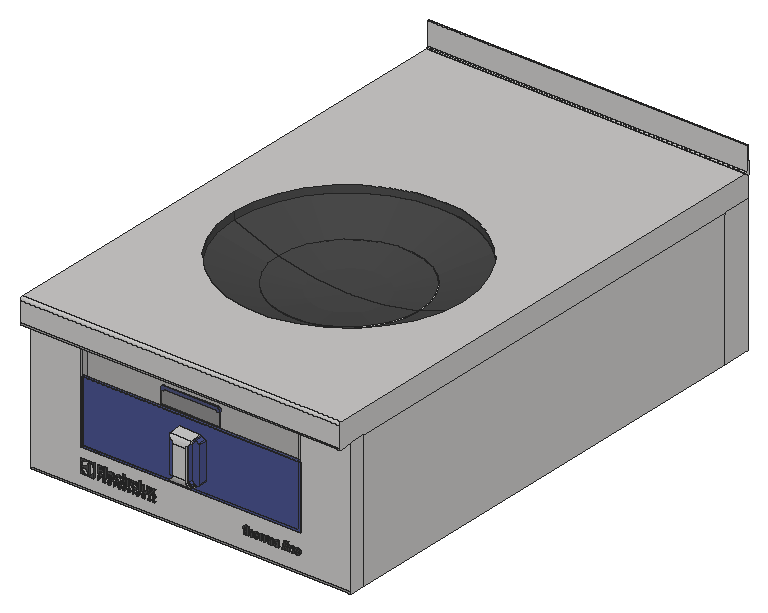
Revit family "QF_ELECTROLUXPROFESSIONAL_588026_MAIHABEOAO", category Specialty Equipment, Revit 2023
Family settings
  Round Connector Dimension = Use Diameter
  Part Type = Normal
  Work Plane-Based = No
  Enable Cutting in Views = No
  Always vertical = Yes
  Cut with Voids When Loaded = Yes
  Maintain Annotation Orientation = No
  Shared = No
  Room Calculation Point = No
Parameters
  Watts = 5000 W  # constant formula
  Volts = 400 V  # constant formula
  URL Cutsheet = ""
  Type Mark [instance] = ""
  Top Visibility [instance] = yes
  ThermaLine_Logo_Visible [instance] = yes
  Status [instance] = ""
  Specification by User [instance] = ""
  Specification by Manufacturer = ""
  Show Backsplash [instance] = yes
  Serial Number = ""
  Seismic Rating = ""
  SMACNA No = ""
  Revision Code [instance] = ""
  Phase = 3  # constant formula
  Omniclass Number and Title = ""
  Number of Poles [instance] = 1
  NAFEM Spec ID Number = ""
  Model = "588026"
  Min Ckt Ampacity = 0 A
  Max Overcurrent Protection = 0 A
  Masterspec = ""
  Manufacturer = ""
  Item Number [instance] = ""
  Installed By [instance] = ""
  Identify Quantity as Lot [instance] = yes
  HP = "6.7 HP"
  Furnished By [instance] = ""
  Foodservice Equipment Identifier [instance] = yes
  FL Amps [instance] = if(Phase = 3, Watts / (Volts * 1.73), Watts / Volts)  # 7.22543 A
  Electrolux_Logo_Visible [instance] = yes
  Electrical Remarks = "400 V/3N ph/50/60 Hz"  # constant formula
  Electric Connection Type [instance] = ""
  Elec Conn RI Height [instance] = 0 mm
  Elec Conn Connection Height [instance] = 0 mm
  Direct Waste Size = 0"
  Description = "INDUCTION WOK,1 ZONE,1S,BS,500X800X250H"
  Default Elevation = 0 mm
  Cycle [instance] = if([60 Hertz Option], 60 Hz, 50 Hz)  # 60 Hz
  Conn Plug = ""
  Conn Conduit = yes
  CSI MasterFormat = ""
  CSI Master Format = ""
  Back Panel [instance] = not(Show Backsplash)  # no
  Apparent Power [instance] = if(Phase = 3, Volts * FL Amps * 1.73, Volts * FL Amps)  # 5000 VA
  60 Hertz Option [instance] = not([50 Hertz Option])  # yes
  50 Hertz Option [instance] = no
Reference planes
  plane 1 "BACK": y = 0
  plane 2: z = 0
  plane 3 "LEFT": x = 0
  plane 4 "RIGHT": x = 500
  plane 5 "FRONT": y = -800
  plane 6 "TOP": z = 250
  plane 7: x = 250
  plane 8: y = -469.65
  plane 9: z = 582.185
  plane 10: x = 455
Forms (mm)
  Extrusion 1, solid, material "QF_Finishes_Stainless Steel"
    sketch origin (0, -487.128, 0) x (0, 1, 0) y (0, 0, 1)
      loop
        line (-266.872, 213) -> (-266.872, 0) -> (441.128, 0) -> (441.128, 213) -> (-266.872, 213)
    from 0 to 500
  Extrusion 2, solid, material "QF_Finishes_Stainless Steel"
    sketch origin (0, -754, 0) x (1, 0, 0) y (0, -1, 0)
      loop
        circle (455, -69) r 6.35
    from 0 to 3.2
  Revolve 3, void
    sketch origin (-176.365, -469.65, 1219.2) x (-1, 0, 0) y (0, 0, 1)
      loop
        line (-426.365, -969.2) -> (-426.365, -1021.018)
        arc (-426.365, -1021.018) -> (-334.117, -1010.707) -> (-246.365, -980.45) r 421.407
        line (-246.365, -980.45) -> (-246.365, -969.2) -> (-426.365, -969.2)
      axis (-426.365, -969.2) -> (-426.365, -1021.018)
    angle from 0 to 360
  Extrusion 4, solid, material "QF_Finishes_Stainless Steel", visible <- "Show Backsplash"
    sketch origin (0, 0, 0) x (0, 1, 0) y (0, 0, 1)
      loop
        arc (-1.951, 252.006) -> (-2.537, 250.592) -> (-3.951, 250.006) r 2
        arc (-3.951, 250.006) -> (-1.172, 248.828) -> (0, 246) r 4
        line (0, 246) -> (0, 288.006) -> (-1.951, 288.006) -> (-1.951, 252.006)
    from 500 to 0
  Extrusion 5, solid, material "QF_Finishes_Stainless Steel", visible <- "Top Visibility"
    sketch origin (0, -487.128, 0) x (0, 1, 0) y (0, 0, 1)
      loop
        line (483.128, 250) -> (-308.872, 250)
        arc (-308.872, 250) -> (-311.7, 248.828) -> (-312.872, 246) r 4
        line (-312.872, 246) -> (-312.872, 214)
        arc (-312.872, 214) -> (-311.443, 210.936) -> (-308.177, 210.061) r 4
        line (-308.177, 210.061) -> (-291.509, 213) -> (487.128, 213) -> (487.128, 246)
        arc (487.128, 246) -> (485.956, 248.828) -> (483.128, 250) r 4
    from 0 to 500
  Extrusion 6, solid, material "QF_Finishes_Stainless Steel", visible <- "Show Backsplash"
    sketch origin (0, 0, 0) x (0, 1, 0) y (0, 0, 1)
      loop
        line (0, 2) -> (0, 213) -> (-46, 213) -> (-46, 0) -> (-2, 0)
        arc (-2, 0) -> (-0.586, 0.586) -> (0, 2) r 2
    from 500 to 0
  Revolve 7, void
    sketch origin (-176.365, -469.65, 1219.2) x (-1, 0, 0) y (0, 0, 1)
      loop
        line (-426.365, -969.2) -> (-426.365, -1021.018)
        arc (-426.365, -1021.018) -> (-334.117, -1010.707) -> (-246.365, -980.45) r 421.407
        line (-246.365, -980.45) -> (-246.365, -969.2) -> (-426.365, -969.2)
      axis (-426.365, -969.2) -> (-426.365, -1021.018)
    angle from 0 to 360
Cuts and joins
  Revolve 3, Revolve 7 cuts Extrusion 1
  Revolve 3, Revolve 7 cuts Extrusion 5
Lines and regions (mm)
  symbolic lines
    curve 1: line (0, 0, 0) -> (500, 0, 0)
    curve 2: line (0, -800, 0) -> (0, 0, 0)
    curve 3: line (500, -800, 0) -> (0, -800, 0)
    curve 4: line (500, 0, 0) -> (500, -800, 0)
    curve 5: arc (70, -469.65, 0) -> (250, -289.65, 0) -> (430, -469.65, 0) r 180
    curve 6: arc (430, -469.65, 0) -> (250, -649.65, 0) -> (70, -469.65, 0) r 180
  symbolic lines, visible <- "Show Backsplash"
    curve 7: line (0, -1.951, 0) -> (500, -1.951, 0)
Dimensions and locks
  plane 3 "LEFT" to plane 4 "RIGHT" = 500 mm
  plane 5 "FRONT" to plane 1 "BACK" = 800 mm
  equal spacing: plane 3 "LEFT", plane 7, plane 4 "RIGHT"
  plane 5 "FRONT" to plane 8 to plane 1 "BACK" = 330.35 mm, 469.65 mm
  plane 6 "TOP" to level = 250 mm  (x2)
  plane 1 "BACK" to plane 5 "FRONT" = 800 mm
  Extrusion 2 sketch curve to plane 1 "BACK" = 685 mm
  Extrusion 2 sketch curve to plane 4 "RIGHT" = 45 mm
  plane 1 "BACK" to Extrusion 2 = 685 mm
  plane 10 to plane 4 "RIGHT" = 45 mm
  aligned and locked: level to plane 2
  aligned and locked: plane 7 to nested 1
Automatic sketch dimensions
  Extrusion 1 sketch curve to level = 0 mm
  Extrusion 1 sketch curve to plane 6 "TOP" = 37 mm
  plane 1 "BACK" to Extrusion 1 sketch curve = 46 mm
  Revolve 3 sketch curve to plane 7 = 0 mm  (x2)
  Revolve 3 sketch curve to plane 6 "TOP" = 0 mm
  Revolve 3 sketch curve to plane 6 "TOP" = 51.818 mm
  plane 3 "LEFT" to Revolve 3 sketch curve = 70 mm
  plane 7 to Revolve 3 sketch curve = 0.405 mm
  Revolve 3 sketch curve to Revolve 3 sketch curve = 11.25 mm
  Revolve 3 sketch curve to level = 215 mm
  plane 6 "TOP" to Revolve 3 sketch curve = 110 mm
  plane 1 "BACK" to curve 1 = 0 mm
  curve 1 to plane 4 "RIGHT" = 0 mm
  curve 2 to plane 3 "LEFT" = 0 mm
  plane 5 "FRONT" to curve 3 = 0 mm
  curve 5 to plane 8 = 0 mm
  curve 6 to plane 7 = 0 mm
  plane 10 to curve 5 = 25 mm
  Extrusion 4 sketch curve to plane 1 "BACK" = 0 mm  (x2)
  Extrusion 4 sketch curve to plane 6 "TOP" = 0 mm
  plane 1 "BACK" to Extrusion 4 sketch curve = 1.951 mm
  plane 1 "BACK" to Extrusion 4 sketch curve = 4 mm
  Extrusion 4 sketch curve to Extrusion 4 sketch curve = 2 mm
  plane 6 "TOP" to Extrusion 4 sketch curve = 2.006 mm
  Extrusion 4 sketch curve to Extrusion 4 sketch curve = 36 mm
  Extrusion 4 sketch curve to Extrusion 4 sketch curve = 0 mm
  Extrusion 5 sketch curve to plane 5 "FRONT" = 0 mm
  Extrusion 5 sketch curve to plane 6 "TOP" = 0 mm
  Extrusion 5 sketch curve to Extrusion 5 sketch curve = 4 mm  (x2)
  Extrusion 5 sketch curve to Extrusion 5 sketch curve = 17.363 mm
  plane 1 "BACK" to Extrusion 5 sketch curve = 4 mm
  Extrusion 5 sketch curve to plane 6 "TOP" = 37 mm
  Extrusion 5 sketch curve to Extrusion 5 sketch curve = 1 mm
  Extrusion 5 sketch curve to Extrusion 5 sketch curve = 0.695 mm
  Extrusion 5 sketch curve to Extrusion 5 sketch curve = 0 mm  (x2)
  plane 1 "BACK" to Extrusion 5 sketch curve = 0 mm
  Extrusion 1 sketch curve to plane 5 "FRONT" = 46 mm
  Extrusion 6 sketch curve to level = 0 mm
  plane 1 "BACK" to Extrusion 6 sketch curve = 0 mm
  Extrusion 6 sketch curve to Extrusion 6 sketch curve = 2 mm
  Extrusion 6 sketch curve to Extrusion 6 sketch curve = 44 mm
  Extrusion 6 sketch curve to plane 6 "TOP" = 37 mm
  curve 7 to plane 3 "LEFT" = 0 mm
  curve 7 to plane 4 "RIGHT" = 0 mm
  plane 1 "BACK" to curve 7 = 1.951 mm
  Revolve 7 sketch curve to plane 6 "TOP" = 0 mm
  Revolve 7 sketch curve to plane 7 = 0 mm  (x2)
  plane 7 to Revolve 7 sketch curve = 0.405 mm
  plane 3 "LEFT" to Revolve 7 sketch curve = 70 mm
  Revolve 7 sketch curve to Revolve 7 sketch curve = 11.25 mm
  Revolve 7 sketch curve to Revolve 7 sketch curve = 51.818 mm
  Revolve 7 sketch curve to level = 215 mm
  plane 6 "TOP" to Revolve 7 sketch curve = 110 mm
  radius of Extrusion 2 sketch curve = 6.35 mm
Nested families
  nested 1: "IW_800_500 Panel Single Centered" at (250, -754, -651.71), type "IW_800_500 Panel Single Centered"
  nested 2: "ELX_Professional_Logo_Small" at (137.486, -779, 33) x (1, 0, 0) z (0, -1, 0), visible <- "Electrolux_Logo_Visible", type "ELX_Professional_Logo_Small"
    with Show Logo yes, Material_Logo QF_Finishes_Black
  nested 3: "ELX_ThermaLine_Small" at (373.407, -779, 33) x (1, 0, 0) z (0, -1, 0), visible <- "ThermaLine_Logo_Visible", type "ELX_ThermaLine_Small"
    with Show Logo yes, Material_Logo QF_Finishes_Black
Connectors
  electrical at (455, -685, -3.2), driven by "Volts", driven by "Watts"
    settings: on Extrusion 2, index 1, voltage 400 V, apparent load 5000 VA, apparent load phase1 0 VA, apparent load phase2 0 VA, apparent load phase3 0 VA, power factor 1, load classification "Other", number of poles 1, system type 30, power factor state 1, is connector primary yes, connector utility no, sub classification motor no, connector description "ELECTRICAL CONNECTION"
Definition of nested family "IW_800_500 Panel Single Centered"
  Parameters (values of type "IW_800_500 Panel Single Centered")
    Default Elevation = 0 mm
  Reference planes
    plane 1 "Center (Front/Back)": y = 0
    plane 2: z = 0
    plane 3 "Center (Left/Right)": x = 0
  Forms (mm)
    Extrusion 1, solid
      sketch origin (833.217, 829.203, -1.25) x (0, 1, 0) y (0, 0, 1)
        loop
          arc (-854.203, 655.96) -> (-853.324, 653.839) -> (-851.203, 652.96) r 3
          line (-851.203, 652.96) -> (-829.203, 652.96) -> (-829.203, 865.96) -> (-854.203, 865.96) -> (-854.203, 655.96)
      from -1083.217 to -583.217
    Extrusion 2, void
      sketch origin (33.217, 829.203, 0.636) x (1, 0, 0) y (0, 0, 1)
        loop
          line (-205.217, 852.364) -> (-205.217, 710.364) -> (138.783, 710.364) -> (138.783, 852.364) -> (-205.217, 852.364)
      from 843.409 to 854.203
  Cuts and joins
    Extrusion 2 cuts Extrusion 1
  Lines and regions (mm)
    symbolic lines
      curve 1: line (16.108, -48.326, 0) -> (16.108, -46, 0)
      curve 2: spline (10.439, -49.73, 0) -> (10.918, -49.657, 0) -> (11.396, -49.575, 0) -> (11.873, -49.486, 0) -> (12.349, -49.389, 0) -> (12.823, -49.283, 0) -> (13.297, -49.17, 0) -> (13.769, -49.049, 0) -> (14.24, -48.92, 0) -> (14.71, -48.783, 0) -> (15.177, -48.638, 0) -> (15.643, -48.486, 0) -> (16.108, -48.326, 0)
      curve 3: line (-16.108, -48.326, 0) -> (-16.108, -46, 0)
      curve 4: spline (-16.108, -48.326, 0) -> (-15.643, -48.486, 0) -> (-15.177, -48.638, 0) -> (-14.71, -48.783, 0) -> (-14.24, -48.92, 0) -> (-13.769, -49.049, 0) -> (-13.297, -49.17, 0) -> (-12.823, -49.283, 0) -> (-12.349, -49.389, 0) -> (-11.873, -49.486, 0) -> (-11.396, -49.575, 0) -> (-10.918, -49.657, 0) -> (-10.439, -49.73, 0)
      curve 5: line (10.439, -49.73, 0) -> (-10.439, -49.73, 0)
  Dimensions and locks
    cut or joined group of Extrusion 1, Extrusion 2 to cut or joined group of Extrusion 1, Extrusion 2 = 500 mm  (x2)
    equal spacing: cut or joined group of Extrusion 1, Extrusion 2, nested 1, cut or joined group of Extrusion 1, Extrusion 2
    cut or joined group of Extrusion 1, Extrusion 2 to cut or joined group of Extrusion 1, Extrusion 2 = 213 mm
    aligned and locked: nested 1 to cut or joined group of Extrusion 1, Extrusion 2
  Automatic sketch dimensions
    curve 3 to plane 3 "Center (Left/Right)" = 16.108 mm
    plane 3 "Center (Left/Right)" to curve 5 = 10.439 mm
    plane 1 "Center (Front/Back)" to curve 5 = 49.73 mm
    curve 3 to curve 5 = 5.669 mm
    curve 5 to curve 1 = 5.669 mm
    curve 5 to curve 4 = 4.17 mm
    plane 3 "Center (Left/Right)" to curve 2 = 6.269 mm
    curve 5 to curve 1 = 1.405 mm
    curve 4 to curve 3 = 1.405 mm
    curve 2 to curve 2 = 0.302 mm
    curve 4 to curve 5 = 0.302 mm
    curve 1 to curve 1 = 2.326 mm
    curve 4 to curve 3 = 2.326 mm
    Extrusion 1 sketch curve to plane 1 "Center (Front/Back)" = 0 mm
    level to Extrusion 1 sketch curve = 651.71 mm
    Extrusion 1 sketch curve to Extrusion 1 sketch curve = 22 mm
    Extrusion 1 sketch curve to Extrusion 1 sketch curve = 3 mm
    Extrusion 1 sketch curve to Extrusion 1 sketch curve = 210 mm
    Extrusion 2 sketch curve to plane 3 "Center (Left/Right)" = 172 mm
    level to Extrusion 2 sketch curve = 711 mm
    plane 3 "Center (Left/Right)" to Extrusion 2 sketch curve = 172 mm
    Extrusion 2 sketch curve to Extrusion 2 sketch curve = 142 mm
  Nested families
    nested 1: "glass conrol panel One Right Side" at (0, 279.791, 1.886), type "glass conrol panel One Right Side"
    nested 2: "Range Control Handle" at (0, -27.043, -209.113), type "Range Control Handle"
  Definition of nested family "glass conrol panel One Right Side"
    Parameters
      Default Elevation = 0 mm
    Reference planes
      plane 1 "Center (Front/Back)": y = 0
      plane 2: z = 0
      plane 3 "Center (Left/Right)": x = 0
    Forms (mm)
      Extrusion 1, solid
        sketch origin (378.286, 0, 0.617) x (1, 0, 0) y (0, 0, 1)
          loop
            line (-550.286, 806.791) -> (-550.286, 708.497) -> (-206.286, 708.497) -> (-206.286, 806.791) -> (-550.286, 806.791)
        from 300.031 to 304.8
      Extrusion 2, solid
        sketch origin (378.286, 0, 0.617) x (1, 0, 0) y (0, 0, 1)
          loop
            line (-550.286, 850.497) -> (-550.286, 806.791) -> (-206.286, 806.791) -> (-206.286, 850.497) -> (-550.286, 850.497)
        from 300.031 to 304.8
      Extrusion 3, solid
        sketch origin (308.333, 1.101, -0.633) x (1, 0, 0) y (0, 0, 1)
          loop
            line (-261.431, 812.62) -> (-261.431, 834.177) -> (-266.24, 834.177) -> (-268.039, 835.977) -> (-348.469, 835.977) -> (-350.269, 834.177) -> (-355.186, 834.177) -> (-355.186, 812.62) -> (-261.431, 812.62)
        from 304.798 to 306.745
      Extrusion 4, solid
        sketch origin (308.333, 1.101, -0.633) x (1, 0, 0) y (0, 0, 1)
          loop
            line (-350.269, 834.177) -> (-348.469, 835.977) -> (-268.039, 835.977) -> (-266.24, 834.177) -> (-261.529, 834.177)
            arc (-261.529, 834.177) -> (-262.706, 838.752) -> (-266.98, 840.763) r 5.549
            line (-266.98, 840.763) -> (-349.686, 840.763)
            arc (-349.686, 840.763) -> (-353.942, 838.747) -> (-355.078, 834.177) r 5.5
            line (-355.078, 834.177) -> (-350.269, 834.177)
        from 304.798 to 306.745
      Extrusion 5, void
        sketch origin (378.286, 0, 0.617) x (1, 0, 0) y (0, 0, 1)
          loop
            line (-547.628, 847.565) -> (-547.628, 710.699) -> (-209.196, 710.699) -> (-209.196, 847.565) -> (-547.628, 847.565)
        from 303.697 to 304.8
    Cuts and joins
      Extrusion 5 cuts Extrusion 2
      Extrusion 5 cuts Extrusion 1
    Dimensions and locks
      aligned and locked: Extrusion 1 to Extrusion 2
      aligned and locked: Extrusion 4 sketch curve to Extrusion 3  (x4)
      aligned and locked: Extrusion 3 to Extrusion 4 sketch curve
      aligned and locked: Extrusion 4 to Extrusion 3
  Definition of nested family "Range Control Handle"
    Parameters (values of type "Range Control Handle")
      Default Elevation = 0 mm
    Reference planes
      plane 1 "Center (Front/Back)": y = 0
      plane 2: z = 0
      plane 3 "Center (Left/Right)": x = 0
      plane 4: z = 971.092
      plane 5: y = -16.9
    Forms (mm)
      Extrusion 1, solid
        sketch origin (-746.28, 380.497, 208.931) x (-1, 0, 0) y (0, 0, 1)
          loop
            line (-770.101, 786.798) -> (-770.101, 731.649)
            arc (-770.101, 731.649) -> (-769.759, 730.563) -> (-768.855, 729.87) r 1.893
            line (-768.855, 729.87) -> (-763.474, 727.911) -> (-729.81, 727.911) -> (-724.428, 729.87)
            arc (-724.428, 729.87) -> (-723.525, 730.563) -> (-723.183, 731.649) r 1.893
            line (-723.183, 731.649) -> (-723.183, 786.798)
            arc (-723.183, 786.798) -> (-723.529, 787.894) -> (-724.44, 788.593) r 1.91
            line (-724.44, 788.593) -> (-729.683, 790.819) -> (-763.601, 790.819) -> (-768.844, 788.593)
            arc (-768.844, 788.593) -> (-769.755, 787.894) -> (-770.101, 786.798) r 1.91
        from -397.397 to -378.852
      Sweep 2, solid
        path origin (-746.788, 380.496, 208.091) x (0, -1, 0) y (0, 0, 1)
          loop
            line (379.775, 793.281) -> (395.661, 791.048)
            arc (395.661, 791.048) -> (397.781, 787.377) -> (398.517, 783.202) r 12.207
            line (398.517, 783.202) -> (398.517, 737.368)
            arc (398.517, 737.368) -> (397.781, 733.193) -> (395.661, 729.522) r 12.207
            line (395.661, 729.522) -> (379.775, 727.289)
        profile origin (-746.788, -7.222, 1000.256) x (0, -0.139173, 0.990268) y (-1, 0, 0)
          loop
            line (0.782, -763.123) -> (0.782, -730.907) -> (-1.322, -730.907) -> (-1.322, -763.123) -> (0.782, -763.123)
      Sweep 3, solid
        path origin (-746.788, 380.715, 207.832) x (0, -1, 0) y (0, 0, 1)
          loop
            line (380.478, 795.442) -> (397.218, 793.09)
            arc (397.218, 793.09) -> (399.929, 788.473) -> (400.871, 783.202) r 15.207
            line (400.871, 783.202) -> (400.871, 737.584)
            arc (400.871, 737.584) -> (399.914, 732.274) -> (397.164, 727.633) r 15.207
            line (397.164, 727.633) -> (380.601, 725.305)
        profile origin (-746.788, -8.132, 1002.099) x (0, -0.139173, 0.990268) y (-1, 0, 0)
          loop
            line (0.782, -763.123) -> (0.782, -730.907) -> (-1.322, -730.907) -> (-1.322, -763.123) -> (0.782, -763.123)
      Extrusion 4, void
        sketch origin (889.253, 220.666, 207.993) x (1, 0, 0) y (0, 0, 1)
          loop
            line (-943.038, 816.854) -> (-943.038, 703.686) -> (-899.466, 734.196) -> (-899.466, 786.344) -> (-943.038, 816.854)
        from 230.636 to 242.25
      Extrusion 5, void
        sketch origin (-888.8, 220.666, 207.993) x (-1, 0, 0) y (0, 0, -1)
          loop
            line (-943.038, -816.854) -> (-899.466, -786.344) -> (-899.466, -734.196) -> (-943.038, -703.686) -> (-943.038, -816.854)
        from 230.636 to 242.25
      Extrusion 6, solid
        sketch origin (0, 0, 0) x (1, 0, 0) y (0, 0, 1)
          loop
            circle (0, 971.092) r 7.736
        from -3.137 to -1.645
    Cuts and joins
      Extrusion 4, Extrusion 5 cuts Sweep 3
      Extrusion 4, Extrusion 5 cuts Sweep 2
      Extrusion 4, Extrusion 5 cuts Extrusion 1
      joined: Extrusion 1, Extrusion 6
    Lines and regions (mm)
      symbolic lines
        curve 1: line (16.334, -16.9, 0) -> (16.334, -19.227, 0)
        curve 2: spline (16.334, -19.227, 0) -> (15.87, -19.385, 0) -> (15.404, -19.536, 0) -> (14.936, -19.678, 0) -> (14.466, -19.813, 0) -> (13.995, -19.94, 0) -> (13.523, -20.059, 0) -> (13.049, -20.171, 0) -> (12.575, -20.274, 0) -> (12.099, -20.37, 0) -> (11.622, -20.458, 0) -> (11.144, -20.537, 0) -> (10.666, -20.609, 0)
        curve 3: line (10.666, -16.9, 0) -> (10.666, -20.938, 0)
        curve 4: line (-10.213, -20.938, 0) -> (10.666, -20.938, 0)
        curve 5: line (-10.213, -20.938, 0) -> (-10.213, -16.9, 0)
        curve 6: spline (-10.213, -20.609, 0) -> (-10.691, -20.537, 0) -> (-11.169, -20.458, 0) -> (-11.646, -20.37, 0) -> (-12.122, -20.274, 0) -> (-12.597, -20.171, 0) -> (-13.07, -20.059, 0) -> (-13.542, -19.94, 0) -> (-14.013, -19.813, 0) -> (-14.483, -19.678, 0) -> (-14.951, -19.536, 0) -> (-15.417, -19.385, 0) -> (-15.881, -19.227, 0)
        curve 7: line (-15.881, -19.227, 0) -> (-15.881, -16.9, 0)
Definition of nested family "ELX_Professional_Logo_Small"
  Parameters (values of type "ELX_Professional_Logo_Small")
    Show Logo [instance] = yes
    Material_Logo [instance] = none
    Default Elevation = 0 mm
  Reference planes
    plane 1 "Centro (Fronte/Retro)": y = 0
    plane 2: z = 0
    plane 3 "Centro (Sinistra/Destra)": x = 0
  Forms (mm)
    Extrusion 1, solid
      sketch origin (0, 0, 0) x (1, 0, 0) y (0, 1, 0)
        loop
          line (-1219.2, 1219.2) -> (-1219.2, -1219.2) -> (1219.2, -1219.2) -> (1219.2, 1219.2) -> (-1219.2, 1219.2)
      from 0 to -304.8
    Extrusion 2, solid, material <- "Material_Logo"
      sketch origin (15.5, 0, 0) x (1, 0, 0) y (0, 1, 0)
        loop
          spline (-42.99, -1.24) -> (-43.195, -1.231) -> (-43.415, -1.203) -> (-43.642, -1.152) -> (-43.87, -1.074) -> (-44.095, -0.966) -> (-44.309, -0.825) -> (-44.506, -0.647) -> (-44.681, -0.429) -> (-44.828, -0.167) -> (-44.94, 0.142) -> (-45.011, 0.501) -> (-45.037, 0.915)
          line (-45.037, 0.915) -> (-45.037, 2.748) -> (-38.984, 2.748) -> (-38.984, 5.086) -> (-45.038, 5.086) -> (-45.038, 8.489) -> (-38.599, 8.489) -> (-38.599, 10.82) -> (-47.515, 10.82) -> (-47.515, 1.021)
          spline (-47.515, 1.021) -> (-47.493, 0.418) -> (-47.425, -0.15) -> (-47.311, -0.682) -> (-47.15, -1.175) -> (-46.939, -1.628) -> (-46.678, -2.038) -> (-46.365, -2.404) -> (-46, -2.723) -> (-45.58, -2.995) -> (-45.105, -3.216) -> (-44.573, -3.385) -> (-43.983, -3.499)
          line (-43.983, -3.499) -> (-43.01, -3.569) -> (-38.426, -3.569) -> (-38.426, -1.24) -> (-42.99, -1.24)
        loop
          line (-36.666, 4.021) -> (-36.666, -3.573) -> (-34.188, -3.573) -> (-34.188, 10.824) -> (-36.666, 10.824) -> (-36.666, 4.021)
        loop
          spline (-21.915, 1.897) -> (-21.957, 2.615) -> (-22.082, 3.303) -> (-22.285, 3.955) -> (-22.563, 4.564) -> (-22.913, 5.124) -> (-23.331, 5.629) -> (-23.814, 6.074) -> (-24.359, 6.451) -> (-24.961, 6.755) -> (-25.618, 6.98) -> (-26.326, 7.119) -> (-27.081, 7.167)
          spline (-27.081, 7.167) -> (-27.853, 7.122) -> (-28.586, 6.99) -> (-29.275, 6.774) -> (-29.915, 6.478) -> (-30.5, 6.104) -> (-31.024, 5.657) -> (-31.483, 5.138) -> (-31.871, 4.553) -> (-32.182, 3.904) -> (-32.411, 3.194) -> (-32.552, 2.427) -> (-32.6, 1.606)
          spline (-32.6, 1.606) -> (-32.553, 0.805) -> (-32.416, 0.057) -> (-32.193, -0.637) -> (-31.887, -1.271) -> (-31.504, -1.843) -> (-31.048, -2.35) -> (-30.523, -2.788) -> (-29.934, -3.154) -> (-29.284, -3.444) -> (-28.579, -3.656) -> (-27.822, -3.785) -> (-27.019, -3.829)
          spline (-27.019, -3.829) -> (-26.627, -3.82) -> (-26.239, -3.79) -> (-25.856, -3.739) -> (-25.477, -3.663) -> (-25.103, -3.562) -> (-24.734, -3.432) -> (-24.369, -3.273) -> (-24.01, -3.082) -> (-23.655, -2.858) -> (-23.305, -2.597) -> (-22.96, -2.299) -> (-22.621, -1.962)
          line (-22.621, -1.962) -> (-24.114, -0.509)
          spline (-24.114, -0.509) -> (-24.311, -0.699) -> (-24.509, -0.872) -> (-24.71, -1.03) -> (-24.915, -1.172) -> (-25.126, -1.297) -> (-25.346, -1.407) -> (-25.576, -1.5) -> (-25.817, -1.576) -> (-26.072, -1.636) -> (-26.342, -1.678) -> (-26.629, -1.704) -> (-26.936, -1.713)
          spline (-26.936, -1.713) -> (-27.384, -1.691) -> (-27.805, -1.625) -> (-28.196, -1.518) -> (-28.556, -1.372) -> (-28.882, -1.187) -> (-29.174, -0.966) -> (-29.429, -0.71) -> (-29.645, -0.422) -> (-29.821, -0.102) -> (-29.955, 0.247) -> (-30.045, 0.623) -> (-30.089, 1.026)
          line (-30.089, 1.026) -> (-21.956, 1.026) -> (-21.915, 1.897)
        loop
          spline (-24.446, 2.769) -> (-24.47, 3.075) -> (-24.54, 3.37) -> (-24.654, 3.65) -> (-24.807, 3.913) -> (-24.996, 4.156) -> (-25.219, 4.376) -> (-25.472, 4.57) -> (-25.753, 4.736) -> (-26.057, 4.869) -> (-26.382, 4.968) -> (-26.724, 5.03) -> (-27.081, 5.051)
          spline (-27.081, 5.051) -> (-27.464, 5.03) -> (-27.832, 4.97) -> (-28.183, 4.872) -> (-28.513, 4.74) -> (-28.819, 4.577) -> (-29.099, 4.384) -> (-29.347, 4.165) -> (-29.563, 3.923) -> (-29.742, 3.659) -> (-29.881, 3.377) -> (-29.977, 3.079) -> (-30.027, 2.769)
          line (-30.027, 2.769) -> (-24.446, 2.769)
        loop
          spline (-18.167, 1.669) -> (-18.138, 2.13) -> (-18.055, 2.567) -> (-17.921, 2.978) -> (-17.739, 3.358) -> (-17.512, 3.705) -> (-17.243, 4.016) -> (-16.937, 4.287) -> (-16.596, 4.517) -> (-16.223, 4.7) -> (-15.823, 4.835) -> (-15.398, 4.919) -> (-14.951, 4.947)
          spline (-14.951, 4.947) -> (-14.677, 4.938) -> (-14.414, 4.913) -> (-14.162, 4.871) -> (-13.921, 4.812) -> (-13.69, 4.738) -> (-13.467, 4.649) -> (-13.254, 4.544) -> (-13.048, 4.424) -> (-12.85, 4.291) -> (-12.659, 4.143) -> (-12.474, 3.981) -> (-12.295, 3.806)
          line (-12.295, 3.806) -> (-10.76, 5.403)
          spline (-10.76, 5.403) -> (-11.065, 5.709) -> (-11.38, 5.984) -> (-11.703, 6.228) -> (-12.035, 6.443) -> (-12.375, 6.63) -> (-12.723, 6.788) -> (-13.078, 6.92) -> (-13.44, 7.026) -> (-13.809, 7.107) -> (-14.184, 7.164) -> (-14.564, 7.198) -> (-14.951, 7.209)
          spline (-14.951, 7.209) -> (-15.725, 7.161) -> (-16.467, 7.02) -> (-17.169, 6.792) -> (-17.826, 6.482) -> (-18.43, 6.096) -> (-18.976, 5.637) -> (-19.455, 5.112) -> (-19.862, 4.525) -> (-20.19, 3.882) -> (-20.433, 3.189) -> (-20.584, 2.449) -> (-20.635, 1.669)
          spline (-20.635, 1.669) -> (-20.584, 0.889) -> (-20.433, 0.149) -> (-20.19, -0.545) -> (-19.862, -1.187) -> (-19.455, -1.774) -> (-18.976, -2.299) -> (-18.43, -2.758) -> (-17.826, -3.145) -> (-17.169, -3.454) -> (-16.467, -3.682) -> (-15.725, -3.823) -> (-14.951, -3.871)
          spline (-14.951, -3.871) -> (-14.564, -3.86) -> (-14.184, -3.826) -> (-13.809, -3.77) -> (-13.44, -3.689) -> (-13.078, -3.583) -> (-12.723, -3.451) -> (-12.375, -3.292) -> (-12.035, -3.105) -> (-11.703, -2.89) -> (-11.38, -2.646) -> (-11.065, -2.371) -> (-10.76, -2.066)
          line (-10.76, -2.066) -> (-12.295, -0.468)
          spline (-12.295, -0.468) -> (-12.474, -0.643) -> (-12.659, -0.805) -> (-12.85, -0.953) -> (-13.048, -1.087) -> (-13.254, -1.206) -> (-13.467, -1.311) -> (-13.69, -1.4) -> (-13.921, -1.475) -> (-14.162, -1.533) -> (-14.414, -1.575) -> (-14.677, -1.6) -> (-14.951, -1.609)
          spline (-14.951, -1.609) -> (-15.398, -1.581) -> (-15.823, -1.497) -> (-16.223, -1.362) -> (-16.596, -1.179) -> (-16.937, -0.95) -> (-17.243, -0.678) -> (-17.512, -0.367) -> (-17.739, -0.02) -> (-17.921, 0.36) -> (-18.055, 0.771) -> (-18.138, 1.208) -> (-18.167, 1.669)
        loop
          spline (-4.441, -1.243) -> (-4.659, -1.247) -> (-4.894, -1.23) -> (-5.137, -1.19) -> (-5.384, -1.121) -> (-5.628, -1.021) -> (-5.864, -0.884) -> (-6.084, -0.708) -> (-6.283, -0.488) -> (-6.454, -0.219) -> (-6.592, 0.101) -> (-6.69, 0.478) -> (-6.742, 0.914)
          line (-6.742, 0.914) -> (-6.742, 4.587) -> (-4.487, 4.587) -> (-4.487, 6.838) -> (-6.738, 6.838) -> (-6.738, 10.824) -> (-9.217, 10.824) -> (-9.217, 0.773)
          spline (-9.217, 0.773) -> (-9.164, 0.19) -> (-9.068, -0.358) -> (-8.928, -0.87) -> (-8.742, -1.343) -> (-8.511, -1.777) -> (-8.232, -2.168) -> (-7.904, -2.515) -> (-7.527, -2.816) -> (-7.098, -3.069) -> (-6.618, -3.273) -> (-6.084, -3.426) -> (-5.496, -3.525)
          line (-5.496, -3.525) -> (-4.45, -3.573) -> (-4.441, -1.243)
        loop
          spline (3.898, 6.983) -> (3.469, 7.009) -> (3.056, 7.001) -> (2.661, 6.961) -> (2.283, 6.888) -> (1.925, 6.785) -> (1.588, 6.652) -> (1.272, 6.49) -> (0.979, 6.301) -> (0.71, 6.085) -> (0.465, 5.844) -> (0.247, 5.578) -> (0.056, 5.289)
          line (0.056, 5.289) -> (0.056, 6.838) -> (-2.402, 6.838) -> (-2.402, -3.572) -> (0.056, -3.572) -> (0.056, 1.901)
          spline (0.056, 1.901) -> (0.079, 2.316) -> (0.145, 2.703) -> (0.254, 3.06) -> (0.404, 3.386) -> (0.592, 3.679) -> (0.818, 3.938) -> (1.08, 4.162) -> (1.375, 4.348) -> (1.703, 4.495) -> (2.062, 4.602) -> (2.45, 4.668) -> (2.865, 4.69)
          line (2.865, 4.69) -> (3.898, 4.586) -> (3.898, 6.983)
        loop
          spline (15.638, 1.633) -> (15.586, 2.396) -> (15.435, 3.124) -> (15.192, 3.81) -> (14.863, 4.449) -> (14.455, 5.034) -> (13.975, 5.56) -> (13.43, 6.021) -> (12.826, 6.411) -> (12.17, 6.724) -> (11.469, 6.955) -> (10.729, 7.098) -> (9.958, 7.147)
          spline (9.958, 7.147) -> (9.182, 7.098) -> (8.44, 6.955) -> (7.737, 6.724) -> (7.081, 6.411) -> (6.477, 6.021) -> (5.933, 5.56) -> (5.454, 5.034) -> (5.048, 4.449) -> (4.721, 3.81) -> (4.479, 3.124) -> (4.329, 2.396) -> (4.277, 1.633)
          spline (4.277, 1.633) -> (4.329, 0.869) -> (4.479, 0.141) -> (4.721, -0.544) -> (5.048, -1.183) -> (5.454, -1.768) -> (5.933, -2.294) -> (6.477, -2.755) -> (7.081, -3.145) -> (7.737, -3.459) -> (8.44, -3.69) -> (9.182, -3.833) -> (9.958, -3.882)
          spline (9.958, -3.882) -> (10.729, -3.833) -> (11.469, -3.69) -> (12.17, -3.459) -> (12.826, -3.145) -> (13.43, -2.755) -> (13.975, -2.294) -> (14.455, -1.768) -> (14.863, -1.183) -> (15.192, -0.544) -> (15.435, 0.141) -> (15.586, 0.869) -> (15.638, 1.633)
        loop
          spline (13.18, 1.633) -> (13.151, 2.083) -> (13.067, 2.513) -> (12.932, 2.918) -> (12.748, 3.296) -> (12.52, 3.642) -> (12.251, 3.954) -> (11.943, 4.227) -> (11.601, 4.459) -> (11.228, 4.645) -> (10.828, 4.782) -> (10.403, 4.867) -> (9.958, 4.896)
          spline (9.958, 4.896) -> (9.509, 4.867) -> (9.081, 4.782) -> (8.679, 4.645) -> (8.306, 4.459) -> (7.964, 4.227) -> (7.658, 3.954) -> (7.39, 3.642) -> (7.163, 3.296) -> (6.981, 2.918) -> (6.847, 2.513) -> (6.765, 2.083) -> (6.736, 1.633)
          spline (6.736, 1.633) -> (6.765, 1.182) -> (6.847, 0.753) -> (6.981, 0.347) -> (7.163, -0.031) -> (7.39, -0.377) -> (7.658, -0.689) -> (7.964, -0.962) -> (8.306, -1.193) -> (8.679, -1.38) -> (9.081, -1.517) -> (9.509, -1.602) -> (9.958, -1.631)
          spline (9.958, -1.631) -> (10.403, -1.602) -> (10.828, -1.517) -> (11.228, -1.38) -> (11.601, -1.193) -> (11.943, -0.962) -> (12.251, -0.689) -> (12.52, -0.377) -> (12.748, -0.031) -> (12.932, 0.347) -> (13.067, 0.753) -> (13.151, 1.182) -> (13.18, 1.633)
        loop
          line (17.162, 4.269) -> (17.162, -3.573) -> (19.642, -3.573) -> (19.642, 10.824) -> (17.162, 10.824) -> (17.162, 4.269)
        loop
          line (28.581, 6.838) -> (28.581, 0.786)
          spline (28.581, 0.786) -> (28.561, 0.393) -> (28.503, 0.038) -> (28.409, -0.279) -> (28.281, -0.559) -> (28.122, -0.802) -> (27.933, -1.011) -> (27.717, -1.185) -> (27.476, -1.325) -> (27.213, -1.433) -> (26.929, -1.509) -> (26.626, -1.554) -> (26.308, -1.569)
          spline (26.308, -1.569) -> (25.99, -1.554) -> (25.688, -1.509) -> (25.404, -1.434) -> (25.141, -1.326) -> (24.9, -1.187) -> (24.684, -1.014) -> (24.496, -0.807) -> (24.336, -0.565) -> (24.209, -0.288) -> (24.115, 0.026) -> (24.057, 0.376) -> (24.037, 0.765)
          line (24.037, 0.765) -> (24.037, 6.838) -> (21.537, 6.838) -> (21.537, 0.558)
          spline (21.537, 0.558) -> (21.581, -0.153) -> (21.71, -0.8) -> (21.916, -1.384) -> (22.195, -1.904) -> (22.54, -2.362) -> (22.944, -2.757) -> (23.403, -3.09) -> (23.909, -3.362) -> (24.456, -3.572) -> (25.04, -3.722) -> (25.652, -3.811) -> (26.288, -3.841)
          spline (26.288, -3.841) -> (26.929, -3.811) -> (27.547, -3.72) -> (28.135, -3.568) -> (28.687, -3.355) -> (29.197, -3.079) -> (29.66, -2.741) -> (30.068, -2.341) -> (30.415, -1.877) -> (30.696, -1.349) -> (30.905, -0.757) -> (31.034, -0.101) -> (31.079, 0.621)
          line (31.079, 0.621) -> (31.079, 6.838) -> (28.581, 6.838)
        loop
          line (40.457, -0.243) -> (38.894, 1.942) -> (40.83, 4.579) -> (42.488, 6.837) -> (39.782, 6.837) -> (37.53, 3.719) -> (35.258, 6.837) -> (32.573, 6.837) -> (34.113, 4.731) -> (36.167, 1.922) -> (34.014, -1.076) -> (32.222, -3.573) -> (34.887, -3.573) -> (37.53, 0.104) -> (40.174, -3.573) -> (42.839, -3.573) -> (40.457, -0.243)
        loop
          line (-46.121, -5.837) -> (-48.039, -5.837) -> (-48.039, -10.814) -> (-47.016, -10.814) -> (-47.016, -9.128) -> (-46.121, -9.128)
          arc (-46.121, -9.128) -> (-44.476, -7.482) -> (-46.121, -5.837) r 1.645
        loop
          line (-46.163, -6.778) -> (-47.016, -6.778) -> (-47.016, -8.187) -> (-46.163, -8.187)
          arc (-46.163, -8.187) -> (-45.458, -7.482) -> (-46.163, -6.778) r 0.704
        loop
          line (-38.313, -5.837) -> (-40.265, -5.837) -> (-40.265, -10.814) -> (-39.241, -10.814) -> (-39.241, -9.1) -> (-38.46, -9.182) -> (-37.48, -10.814) -> (-36.318, -10.814) -> (-37.513, -8.848)
          arc (-37.513, -8.848) -> (-36.888, -8.266) -> (-36.671, -7.441) r 1.536
          arc (-36.671, -7.441) -> (-37.165, -6.305) -> (-38.313, -5.837) r 1.643
        loop
          arc (-38.402, -8.166) -> (-37.707, -7.505) -> (-38.334, -6.778) r 0.696
          line (-38.334, -6.778) -> (-39.241, -6.778) -> (-39.241, -8.166) -> (-38.402, -8.166)
        loop
          circle (-29.965, -8.325) r 2.585
        loop
          circle (-29.965, -8.325) r 1.64
        loop
          line (-23.1, -5.837) -> (-23.1, -10.814) -> (-22.076, -10.814) -> (-22.076, -8.768) -> (-20.204, -8.768) -> (-20.204, -7.828) -> (-22.076, -7.828) -> (-22.076, -6.778) -> (-20.024, -6.778) -> (-20.024, -5.837) -> (-23.1, -5.837)
        loop
          line (-15.802, -5.837) -> (-15.802, -9.2)
          arc (-15.802, -9.2) -> (-15.343, -10.34) -> (-14.209, -10.814) r 1.593
          line (-14.209, -10.814) -> (-12.602, -10.814) -> (-12.602, -10.027) -> (-14.004, -10.027)
          arc (-14.004, -10.027) -> (-14.552, -9.8) -> (-14.779, -9.252) r 0.775
          line (-14.779, -9.252) -> (-14.779, -8.424) -> (-12.789, -8.424) -> (-12.789, -7.642) -> (-14.779, -7.642) -> (-14.779, -6.778) -> (-12.651, -6.778) -> (-12.651, -5.837) -> (-15.802, -5.837)
        loop
          line (-5.909, -7.143) -> (-5.173, -6.638)
          arc (-5.173, -6.638) -> (-5.855, -5.974) -> (-6.781, -5.755) r 1.782
          arc (-6.781, -5.755) -> (-7.397, -5.878) -> (-7.944, -6.189) r 1.974
          arc (-7.944, -6.189) -> (-8.202, -6.5) -> (-8.317, -6.888) r 1.013
          arc (-8.317, -6.888) -> (-8.306, -7.341) -> (-8.192, -7.78) r 1.985
          arc (-8.192, -7.78) -> (-7.749, -8.259) -> (-7.171, -8.563) r 1.928
          arc (-7.171, -8.563) -> (-6.637, -8.779) -> (-6.131, -9.056) r 5.041
          arc (-6.131, -9.056) -> (-5.934, -9.387) -> (-6.09, -9.74) r 0.42
          arc (-6.09, -9.74) -> (-6.631, -9.96) -> (-7.204, -9.845) r 1.016
          arc (-7.204, -9.845) -> (-7.625, -9.603) -> (-7.889, -9.196) r 1.033
          line (-7.889, -9.196) -> (-8.67, -9.686)
          arc (-8.67, -9.686) -> (-8.361, -10.198) -> (-7.908, -10.589) r 1.914
          arc (-7.908, -10.589) -> (-7.334, -10.834) -> (-6.714, -10.896) r 2.063
          arc (-6.714, -10.896) -> (-5.947, -10.743) -> (-5.256, -10.376) r 2.696
          arc (-5.256, -10.376) -> (-4.95, -9.565) -> (-5.108, -8.712) r 1.618
          arc (-5.108, -8.712) -> (-5.448, -8.319) -> (-5.884, -8.035) r 1.876
          arc (-5.884, -8.035) -> (-6.434, -7.789) -> (-6.999, -7.577) r 9.883
          arc (-6.999, -7.577) -> (-7.325, -7.07) -> (-6.854, -6.694) r 0.45
          arc (-6.854, -6.694) -> (-6.329, -6.809) -> (-5.909, -7.143) r 1.197
        loop
          line (1.61, -7.143) -> (2.345, -6.638)
          arc (2.345, -6.638) -> (1.663, -5.974) -> (0.737, -5.755) r 1.782
          arc (0.737, -5.755) -> (0.121, -5.878) -> (-0.425, -6.189) r 1.974
          arc (-0.425, -6.189) -> (-0.683, -6.5) -> (-0.799, -6.888) r 1.013
          arc (-0.799, -6.888) -> (-0.788, -7.341) -> (-0.674, -7.78) r 1.985
          arc (-0.674, -7.78) -> (-0.231, -8.259) -> (0.347, -8.563) r 1.928
          arc (0.347, -8.563) -> (0.881, -8.779) -> (1.387, -9.056) r 5.041
          arc (1.387, -9.056) -> (1.584, -9.387) -> (1.428, -9.74) r 0.42
          arc (1.428, -9.74) -> (0.887, -9.96) -> (0.314, -9.845) r 1.016
          arc (0.314, -9.845) -> (-0.107, -9.603) -> (-0.371, -9.196) r 1.033
          line (-0.371, -9.196) -> (-1.152, -9.686)
          arc (-1.152, -9.686) -> (-0.842, -10.198) -> (-0.39, -10.589) r 1.914
          arc (-0.39, -10.589) -> (0.184, -10.834) -> (0.804, -10.896) r 2.063
          arc (0.804, -10.896) -> (1.572, -10.743) -> (2.263, -10.376) r 2.696
          arc (2.263, -10.376) -> (2.568, -9.565) -> (2.411, -8.712) r 1.618
          arc (2.411, -8.712) -> (2.07, -8.319) -> (1.635, -8.035) r 1.876
          arc (1.635, -8.035) -> (1.084, -7.789) -> (0.519, -7.577) r 9.883
          arc (0.519, -7.577) -> (0.193, -7.07) -> (0.665, -6.694) r 0.45
          arc (0.665, -6.694) -> (1.189, -6.809) -> (1.61, -7.143) r 1.197
        loop
          line (6.801, -5.837) -> (6.801, -10.814) -> (7.825, -10.814) -> (7.825, -5.837) -> (6.801, -5.837)
        loop
          circle (14.724, -8.325) r 1.548
        loop
          circle (14.724, -8.325) r 2.585
        loop
          line (21.59, -10.814) -> (22.623, -10.814) -> (22.623, -7.685) -> (24.9, -10.814) -> (25.895, -10.814) -> (25.895, -5.837) -> (24.861, -5.837) -> (24.861, -9.061) -> (22.585, -5.837) -> (21.59, -5.837) -> (21.59, -10.814)
        loop
          line (31.054, -10.814) -> (31.539, -9.74) -> (33.38, -9.74) -> (33.865, -10.814) -> (34.965, -10.814) -> (32.46, -5.837) -> (29.956, -10.814) -> (31.054, -10.814)
        loop
          line (32.46, -7.698) -> (31.999, -8.719) -> (32.921, -8.719) -> (32.46, -7.698)
        loop
          line (40.047, -9.873) -> (40.047, -5.837) -> (39.024, -5.837) -> (39.024, -10.814) -> (41.961, -10.814) -> (41.961, -9.873) -> (40.047, -9.873)
        loop
          line (-74.986, -10.814) -> (-53.322, -10.814) -> (-53.322, 10.82) -> (-74.986, 10.82) -> (-74.986, -10.814)
        loop
          line (-61.261, 9.758) -> (-61.261, -9.707)
          arc (-61.261, -9.707) -> (-54.066, 0.025) -> (-61.261, 9.758) r 10.18
        loop
          line (-62.251, 8.349) -> (-62.251, 9.758)
          arc (-62.251, 9.758) -> (-70.347, 7.918) -> (-74.247, 0.59) r 9.976
          line (-74.247, 0.59) -> (-71.026, 0.59)
          arc (-71.026, 0.59) -> (-65.274, 2.925) -> (-62.251, 8.349) r 9.351
        loop
          arc (-74.247, -0.539) -> (-70.353, -7.928) -> (-62.251, -9.957) r 10.237
          line (-62.251, -9.957) -> (-62.251, -8.298)
          arc (-62.251, -8.298) -> (-65.274, -2.874) -> (-71.026, -0.539) r 9.351
          line (-71.026, -0.539) -> (-74.247, -0.539)
      from 0 to 0.8
  Dimensions and locks
    aligned and locked: plane 2 to Extrusion 1
    aligned and locked: level to Extrusion 1
Definition of nested family "ELX_ThermaLine_Small"
  Parameters (values of type "ELX_ThermaLine_Small")
    Show Logo [instance] = yes
    Material_Logo [instance] = none
    Default Elevation = 0 mm
  Reference planes
    plane 1 "Centro (Fronte/Retro)": y = 0
    plane 2: z = 0
    plane 3 "Centro (Sinistra/Destra)": x = 0
  Forms (mm)
    Extrusion 1, solid
      sketch origin (0, 0, 0) x (1, 0, 0) y (0, 1, 0)
        loop
          line (-1219.2, 1219.2) -> (-1219.2, -1219.2) -> (1219.2, -1219.2) -> (1219.2, 1219.2) -> (-1219.2, 1219.2)
      from 0 to -304.8
    Extrusion 2, solid
      sketch origin (0, 0, 0) x (1, 0, 0) y (0, 1, 0)
        loop
          line (-37.494, 1.229) -> (-35.908, 1.229) -> (-35.908, 3.066) -> (-37.494, 3.066) -> (-37.494, 6.221) -> (-39.867, 4.881) -> (-39.867, 3.066) -> (-40.969, 3.066) -> (-40.969, 1.229) -> (-39.867, 1.229) -> (-39.867, -3.407)
          arc (-39.867, -3.407) -> (-38.982, -5.513) -> (-36.751, -6.001) r 2.478
          line (-36.751, -6.001) -> (-35.638, -5.7) -> (-35.9, -3.835) -> (-36.661, -4.039)
          arc (-36.661, -4.039) -> (-37.236, -3.924) -> (-37.494, -3.399) r 0.662
          line (-37.494, -3.399) -> (-37.494, 1.229)
        loop
          line (-34.242, 6.539) -> (-34.242, -5.848) -> (-31.854, -5.848) -> (-31.854, -0.078)
          arc (-31.854, -0.078) -> (-30.939, 1.249) -> (-29.33, 1.367) r 1.866
          arc (-29.33, 1.367) -> (-28.695, 0.768) -> (-28.461, -0.073) r 1.627
          line (-28.461, -0.073) -> (-28.461, -5.848) -> (-26.086, -5.848) -> (-26.064, -0.46)
          arc (-26.064, -0.46) -> (-26.261, 0.932) -> (-26.786, 2.237) r 5.825
          arc (-26.786, 2.237) -> (-29.381, 3.264) -> (-31.854, 1.971) r 3.353
          line (-31.854, 1.971) -> (-31.854, 6.539) -> (-34.242, 6.539)
        loop
          arc (-18.398, -0.598) -> (-18.893, 0.879) -> (-20.326, 1.487) r 1.897
          arc (-20.326, 1.487) -> (-21.461, 0.708) -> (-21.897, -0.598) r 2.164
          line (-21.897, -0.598) -> (-18.398, -0.598)
        loop
          arc (-16.021, -2.044) -> (-16.754, 1.227) -> (-19.444, 3.226) r 4.814
          arc (-19.444, 3.226) -> (-22.137, 2.788) -> (-23.943, 0.743) r 4.054
          arc (-23.943, 0.743) -> (-24.382, -1.249) -> (-24.162, -3.276) r 6.289
          arc (-24.162, -3.276) -> (-23.302, -4.71) -> (-21.958, -5.705) r 4.28
          arc (-21.958, -5.705) -> (-18.558, -5.814) -> (-16.152, -3.409) r 4.28
          line (-16.152, -3.409) -> (-18.5, -2.995)
          arc (-18.5, -2.995) -> (-19.273, -3.994) -> (-20.533, -4.076) r 1.536
          arc (-20.533, -4.076) -> (-21.56, -3.281) -> (-21.958, -2.044) r 2.197
          line (-21.958, -2.044) -> (-16.021, -2.044)
        loop
          line (-14.165, -5.848) -> (-11.819, -5.848) -> (-11.819, -2.138)
          arc (-11.819, -2.138) -> (-11.787, -1.156) -> (-11.637, -0.185) r 8.18
          arc (-11.637, -0.185) -> (-10.644, 0.972) -> (-9.132, 0.776) r 1.603
          line (-9.132, 0.776) -> (-8.419, 2.846)
          arc (-8.419, 2.846) -> (-10.432, 3.118) -> (-11.994, 1.821) r 2.527
          line (-11.994, 1.821) -> (-11.994, 3.094) -> (-14.165, 3.094) -> (-14.165, -5.848)
        loop
          line (-7.579, 3.094) -> (-7.579, -5.848) -> (-5.178, -5.848) -> (-5.178, -0.756)
          arc (-5.178, -0.756) -> (-4.727, 0.679) -> (-3.417, 1.419) r 2.05
          arc (-3.417, 1.419) -> (-2.499, 0.908) -> (-2.155, -0.085) r 1.471
          line (-2.155, -0.085) -> (-2.155, -5.848) -> (0.23, -5.848) -> (0.23, -1.001)
          arc (0.23, -1.001) -> (0.47, 0.127) -> (1.148, 1.061) r 2.775
          arc (1.148, 1.061) -> (2.225, 1.329) -> (3.05, 0.587) r 1.182
          arc (3.05, 0.587) -> (3.199, -0.019) -> (3.214, -0.642) r 2.894
          line (3.214, -0.642) -> (3.214, -5.848) -> (5.601, -5.848) -> (5.601, 0.261)
          arc (5.601, 0.261) -> (4.87, 2.263) -> (2.976, 3.241) r 2.932
          arc (2.976, 3.241) -> (1.284, 2.973) -> (-0.047, 1.896) r 3.309
          arc (-0.047, 1.896) -> (-1.116, 2.865) -> (-2.506, 3.258) r 3.16
          arc (-2.506, 3.258) -> (-4.105, 2.942) -> (-5.376, 1.92) r 3.419
          line (-5.376, 1.92) -> (-5.376, 3.094) -> (-7.579, 3.094)
        loop
          line (7.583, 0.738) -> (9.702, 0.364)
          arc (9.702, 0.364) -> (11.441, 1.492) -> (12.855, -0.023) r 1.613
          line (12.855, -0.023) -> (9.782, -0.789)
          arc (9.782, -0.789) -> (8.559, -1.346) -> (7.617, -2.305) r 3.687
          arc (7.617, -2.305) -> (7.499, -3.681) -> (7.901, -5.003) r 3.651
          arc (7.901, -5.003) -> (9.107, -5.766) -> (10.515, -6.006) r 3.635
          arc (10.515, -6.006) -> (11.898, -5.697) -> (13.067, -4.895) r 3.734
          line (13.067, -4.895) -> (13.376, -5.848) -> (15.75, -5.848) -> (15.212, -4.193) -> (15.212, 0.38)
          arc (15.212, 0.38) -> (14.897, 1.849) -> (13.818, 2.895) r 2.585
          arc (13.818, 2.895) -> (11.792, 3.442) -> (9.719, 3.11) r 5.005
          arc (9.719, 3.11) -> (8.369, 2.178) -> (7.583, 0.738) r 3.54
        loop
          line (19.723, -5.848) -> (22.233, -5.848) -> (24.854, 6.484) -> (22.345, 6.484) -> (19.723, -5.848)
        loop
          line (24.583, -5.848) -> (26.953, -5.848) -> (28.848, 3.066) -> (26.478, 3.066) -> (24.583, -5.848)
        loop
          line (27.204, 6.484) -> (26.741, 4.305) -> (29.111, 4.305) -> (29.575, 6.484) -> (27.204, 6.484)
        loop
          line (29.355, -5.848) -> (31.849, -5.848) -> (33.098, 0.028)
          arc (33.098, 0.028) -> (34.169, 1.306) -> (35.832, 1.422) r 2.132
          arc (35.832, 1.422) -> (36.324, 0.752) -> (36.383, -0.078) r 1.5
          line (36.383, -0.078) -> (35.157, -5.848) -> (37.536, -5.848) -> (38.936, 0.738)
          arc (38.936, 0.738) -> (38.775, 2.091) -> (37.825, 3.066) r 2.118
          arc (37.825, 3.066) -> (35.392, 3.175) -> (33.295, 1.937) r 4.271
          line (33.295, 1.937) -> (33.535, 3.066) -> (31.25, 3.066) -> (29.355, -5.848)
        loop
          line (42.792, -0.64) -> (46.589, -0.64)
          arc (46.589, -0.64) -> (46.639, 0.124) -> (46.327, 0.823) r 1.589
          arc (46.327, 0.823) -> (45.117, 1.521) -> (43.762, 1.183) r 1.865
          arc (43.762, 1.183) -> (43.141, 0.344) -> (42.792, -0.64) r 3.538
        loop
          line (42.565, -2.138) -> (48.593, -2.138)
          arc (48.593, -2.138) -> (48.58, 0.597) -> (46.983, 2.818) r 4.494
          arc (46.983, 2.818) -> (44.191, 3.28) -> (41.725, 1.891) r 4.26
          arc (41.725, 1.891) -> (40.503, -0.3) -> (40.284, -2.799) r 6.003
          arc (40.284, -2.799) -> (40.959, -4.468) -> (42.377, -5.576) r 3.482
          arc (42.377, -5.576) -> (44.265, -5.961) -> (46.152, -5.576) r 4.823
          arc (46.152, -5.576) -> (47.432, -4.731) -> (48.328, -3.485) r 4.245
          line (48.328, -3.485) -> (46.168, -3.105)
          arc (46.168, -3.105) -> (45.214, -4.072) -> (43.859, -4.181) r 1.953
          arc (43.859, -4.181) -> (42.821, -3.408) -> (42.565, -2.138) r 1.81
        loop
          line (12.868, -1.553) -> (10.216, -2.214)
          arc (10.216, -2.214) -> (9.747, -3.136) -> (10.216, -4.058) r 1.14
          arc (10.216, -4.058) -> (11.537, -4.249) -> (12.614, -3.46) r 1.763
          arc (12.614, -3.46) -> (12.858, -2.522) -> (12.868, -1.553) r 3.97
      from 0 to 0.8
  Dimensions and locks
    aligned and locked: plane 2 to Extrusion 1
    aligned and locked: level to Extrusion 1
